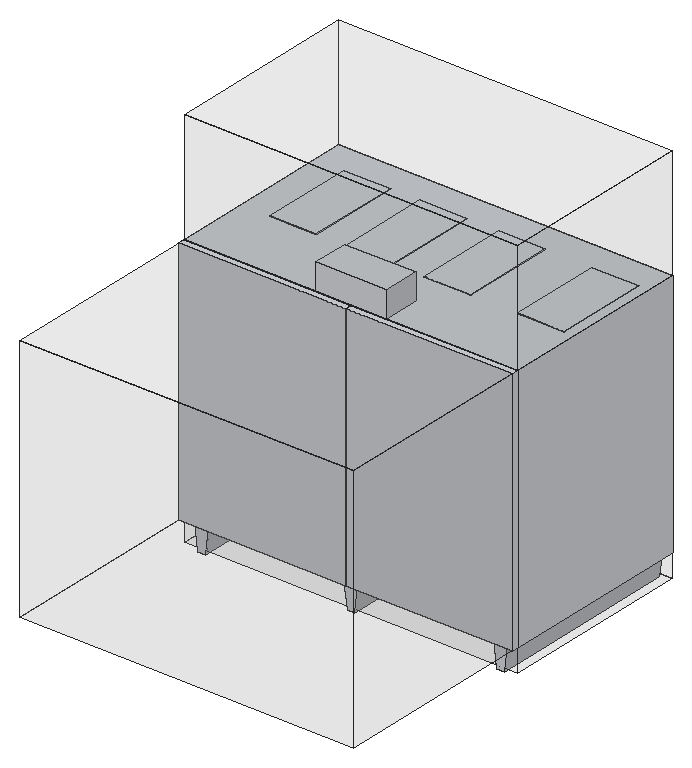
Revit family "AHU 1 _1", category Mechanické zařízení, Revit 2018
Family settings
  Kóta kulaté spojky = Použít průměr
  Typ dílu = Normální
  Číslo OmniClass = 23.75.00.00
  Nadpis OmniClass = Climate Control (HVAC)
  Založené na pracovní rovině = Ne
  Vždy vertikální = Ano
  Ořezat dutým tvarem při načtení = Ne
  Sdílené = Ne
  Bod výpočtu místnosti = Ne
Parameters (values of type "DUPLEXVENT Flexi-V DV3500-V (RD5)")
  Width [instance] = 1.29 mm
  Weight [instance] = 581.00 kg
  URL = ""
  Type [instance] = "DUPLEXVENT Flexi-V DV3500-V (RD5)"
  Total_SFP [instance] = 0
  Supply_outlet_hum [instance] = 90
  Supply_inlet_hum [instance] = 90
  Supply_ext_pressure [instance] = 0.0 Pa
  Supply_SFP [instance] = 0
  Source_adu_file [instance] = ""
  Recuperation_type [instance] = "Plate heat recovery exchanger"
  Recuperation_efficiency_EN308 [instance] = 90.4
  Project_name [instance] = ""
  Project_date [instance] = "9.3.2022"
  Power_supply_fusing [instance] = "0"
  Power_supply_cable [instance] = "0"
  Position [instance] = "AHU 1 "
  Phases_count [instance] = 3
  Panel_thickness [instance] = 0.06 mm
  Outer_surface [instance] = "RAL 9002"
  Length [instance] = 2.15 mm
  Insulation_type [instance] = "PUR"
  Insulation_thickness [instance] = 0.05 mm
  Installation_environment [instance] = ""
  Input_power_max [instance] = 5000 W
  Inner_surface [instance] = "Pozink"
  I2 [instance] = I1  # 0.0 L/s
  Height [instance] = 1.6 mm
  Exhaust_outlet_hum [instance] = 0
  Exhaust_inlet_hum [instance] = 40
  Exhaust_ext_pressure [instance] = 0.0 Pa
  Exhaust_SFP [instance] = 0
  E1 [instance] = E2 - M1  # 0.0 L/s
  E2 [instance] = 0.0 L/s
  I1 [instance] = 0.0 L/s
  Description = ""
  M1 [instance] = 0.0 L/s
  Device_dutypoint_version [instance] = "5"
  Device_design_version [instance] = "29"
  Device_adu_id [instance] = "1"
  Current_max [instance] = 8 A
  Casing_mat [instance] = "painted zinc layer"
  Cable type [instance] = "CYKY 5Jx2,5"
Reference planes
  plane 1 "Střed (vpředu/vzadu)": y = 0
  plane 2 "ref": z = 0
  plane 3 "Střed (vlevo/vpravo)": x = 0
Forms (mm)
  Sweep 1, solid
    path origin (0, 0, 0) x (0, 0, 1) y (1, 0, 0)
      loop
        line (0, 0) -> (1600, 0)
    profile origin (0, 0, 0) x (1, 0, 0) y (0, 1, 0)
      loop
        line (0, 0) -> (2150, 0) -> (2150, 1245) -> (0, 1245) -> (0, 0)
  Sweep 2, solid
    path origin (824, 757, 1599) x (0, 0, 1) y (1, 0, 0)
      loop
        line (0, 0) -> (1, 0)
    profile origin (824, 757, 1599) x (1, 0, 0) y (0, 1, 0)
      loop
        line (-150, -300) -> (150, -300) -> (150, 300) -> (-150, 300) -> (-150, -300)
  Sweep 3, solid
    path origin (1931, 757, 1599) x (0, 0, 1) y (1, 0, 0)
      loop
        line (0, 0) -> (1, 0)
    profile origin (1931, 757, 1599) x (1, 0, 0) y (0, 1, 0)
      loop
        line (-150, -300) -> (150, -300) -> (150, 300) -> (-150, 300) -> (-150, -300)
  Sweep 4, solid
    path origin (1328, 757, 1599) x (0, 0, 1) y (1, 0, 0)
      loop
        line (0, 0) -> (1, 0)
    profile origin (1328, 757, 1599) x (1, 0, 0) y (0, 1, 0)
      loop
        line (-150, -300) -> (150, -300) -> (150, 300) -> (-150, 300) -> (-150, -300)
  Sweep 5, solid
    path origin (332, 757, 1599) x (0, 0, 1) y (1, 0, 0)
      loop
        line (0, 0) -> (1, 0)
    profile origin (332, 757, 1599) x (1, 0, 0) y (0, 1, 0)
      loop
        line (-150, -300) -> (150, -300) -> (150, 300) -> (-150, 300) -> (-150, -300)
  Sweep 6, solid
    path origin (263, 52, 0) x (0, -1, 0) y (0, 0, 1)
      loop
        line (0, 0) -> (0, -30)
    profile origin (263, 52, 0) x (-1, 0, 0) y (0, -1, 0)
      loop
        circle (0, 0) r 16
  Sweep 7, solid
    path origin (1887, 52, 0) x (0, -1, 0) y (0, 0, 1)
      loop
        line (0, 0) -> (0, -30)
    profile origin (1887, 52, 0) x (-1, 0, 0) y (0, -1, 0)
      loop
        circle (0, 0) r 16
  Sweep 8, solid, material "Servisní prostor"
    path origin (0, 0, 0) x (0, 0, 1) y (1, 0, 0)
      loop
        line (0, 0) -> (1600, 0)
    profile origin (0, 0, 0) x (1, 0, 0) y (0, 1, 0)
      loop
        line (0, -1325) -> (2150, -1325) -> (2150, 0) -> (0, 0) -> (0, -1325)
  Sweep 9, solid, material "Servisní prostor"
    path origin (0, 0, 1600) x (0, 0, 1) y (1, 0, 0)
      loop
        line (0, 0) -> (720, 0)
    profile origin (0, 0, 1600) x (1, 0, 0) y (0, 1, 0)
      loop
        line (0, 0) -> (2150, 0) -> (2150, 1245) -> (0, 1245) -> (0, 0)
  Sweep 10, solid, material "Servisní prostor"
    path origin (0, 0, -150) x (0, 0, 1) y (1, 0, 0)
      loop
        line (0, 0) -> (150, 0)
    profile origin (0, 0, -150) x (1, 0, 0) y (0, 1, 0)
      loop
        line (0, 1245) -> (0, 0) -> (2150, 0) -> (2150, 1245) -> (0, 1245)
  Sweep 11, solid
    path origin (0, 0, 0) x (0, 0, 1) y (1, 0, 0)
      loop
        line (0, 0) -> (1600, 0)
    profile origin (0, 0, 0) x (1, 0, 0) y (0, 1, 0)
      loop
        line (0, -45) -> (1075, -45) -> (1075, -5) -> (0, -5) -> (0, -45)
  Sweep 12, solid
    path origin (0, 0, 0) x (0, 0, 1) y (1, 0, 0)
      loop
        line (0, 0) -> (1600, 0)
    profile origin (0, 0, 0) x (1, 0, 0) y (0, 1, 0)
      loop
        line (1075, -45) -> (2150, -45) -> (2150, -5) -> (1075, -5) -> (1075, -45)
  Sweep 13, solid
    path origin (111, 1245, 0) x (1, 0, 0) y (0, 1, 0)
      loop
        line (0, 0) -> (0, -1245)
    profile origin (111, 1245, 0) x (1, 0, 0) y (0, 0, 1)
      loop
        line (-45, 0) -> (-25, -170) -> (25, -170) -> (45, 0) -> (-45, 0)
  Sweep 14, solid
    path origin (2039, 1245, 0) x (1, 0, 0) y (0, 1, 0)
      loop
        line (0, 0) -> (0, -1245)
    profile origin (2039, 1245, 0) x (1, 0, 0) y (0, 0, 1)
      loop
        line (-45, 0) -> (-25, -170) -> (25, -170) -> (45, 0) -> (-45, 0)
  Sweep 15, solid
    path origin (1075, 1245, 0) x (1, 0, 0) y (0, 1, 0)
      loop
        line (0, 0) -> (0, -1245)
    profile origin (1075, 1245, 0) x (1, 0, 0) y (0, 0, 1)
      loop
        line (-45, 0) -> (-25, -170) -> (25, -170) -> (45, 0) -> (-45, 0)
  Sweep 16, solid
    path origin (0, 0, 1600) x (0, 0, 1) y (1, 0, 0)
      loop
        line (0, 0) -> (168, 0)
    profile origin (0, 0, 1600) x (1, 0, 0) y (0, 1, 0)
      loop
        line (848, 0) -> (1302, 0) -> (1302, 233) -> (848, 233) -> (848, 0)
  Sweep 17, solid
    path origin (848, 117, 1684) x (0, 0, -1) y (1, 0, 0)
      loop
        line (0, 0) -> (0, -1)
    profile origin (848, 117, 1684) x (0, 0, -1) y (0, -1, 0)
      loop
        circle (0, 0) r 10
Lines and regions (mm)
  model lines, style "Symbol"
    curve 1: line (1075, -45, 1600) -> (1075, -45, 960)
    curve 2: line (537, -45, 1600) -> (537, -45, 480)
    curve 3: line (537, -45, 480) -> (595, -45, 480)
    curve 4: line (1613, -45, 1600) -> (1613, -45, 480)
    curve 5: line (1613, -45, 480) -> (1555, -45, 480)
    curve 6: line (595, -45, 480) -> (835, -45, 960)
    curve 7: line (835, -45, 960) -> (1315, -45, 960)
    curve 8: line (1315, -45, 960) -> (1555, -45, 480)
    curve 9: line (1555, -45, 480) -> (1315, -45, 0)
    curve 10: line (1315, -45, 0) -> (1075, -45, 0)
    curve 11: line (1075, -45, 0) -> (835, -45, 0)
    curve 12: line (835, -45, 0) -> (595, -45, 480)
    curve 13: line (1739, -45, 1140) -> (1793, -45, 1460)
    curve 14: line (2024, -45, 1140) -> (1969, -45, 1460)
    curve 15: line (126, -45, 1140) -> (181, -45, 1460)
    curve 16: line (411, -45, 1140) -> (357, -45, 1460)
    curve 17: line (591, -45, 1280) -> (1021, -45, 1280)
    curve 18: line (1021, -45, 1280) -> (1021, -45, 1120)
    curve 19: line (1021, -45, 1120) -> (591, -45, 1120)
    curve 20: line (591, -45, 1120) -> (591, -45, 1280)
    curve 21: line (591, -45, 1200) -> (806, -45, 1120)
    curve 22: line (1021, -45, 1200) -> (806, -45, 1120)
    curve 23: line (1129, -45, 1280) -> (1559, -45, 1280)
    curve 24: line (1559, -45, 1280) -> (1559, -45, 1120)
    curve 25: line (1559, -45, 1120) -> (1129, -45, 1120)
    curve 26: line (1129, -45, 1120) -> (1129, -45, 1280)
    curve 27: line (1129, -45, 1200) -> (1344, -45, 1120)
    curve 28: line (1559, -45, 1200) -> (1344, -45, 1120)
    curve 29: line (486, -45, 547) -> (704, -45, 974)
    curve 30: line (704, -45, 974) -> (800, -45, 925)
    curve 31: line (800, -45, 925) -> (582, -45, 498)
    curve 32: line (582, -45, 498) -> (486, -45, 547)
    curve 33: line (629, -45, 803) -> (744, -45, 840)
    curve 34: line (542, -45, 632) -> (657, -45, 669)
    curve 35: line (0, -45, 0) -> (1075, -45, 0)
    curve 36: line (0, -45, 1600) -> (1075, -45, 1600)
    curve 37: line (0, -45, 0) -> (0, -45, 1600)
    curve 38: line (1075, -45, 0) -> (1075, -45, 1600)
    curve 39: line (0, -45, 0) -> (0, -5, 0)
    curve 40: line (1075, -45, 0) -> (1075, -5, 0)
    curve 41: line (0, -45, 1600) -> (0, -5, 1600)
    curve 42: line (1075, -45, 1600) -> (1075, -5, 1600)
    curve 43: line (1075, -45, 0) -> (2150, -45, 0)
    curve 44: line (1075, -45, 1600) -> (2150, -45, 1600)
    curve 45: line (1075, -45, 0) -> (1075, -45, 1600)
    curve 46: line (2150, -45, 0) -> (2150, -45, 1600)
    curve 47: line (1075, -45, 0) -> (1075, -5, 0)
    curve 48: line (2150, -45, 0) -> (2150, -5, 0)
    curve 49: line (1075, -45, 1600) -> (1075, -5, 1600)
    curve 50: line (2150, -45, 1600) -> (2150, -5, 1600)
    curve 51: circle (1881, -45, 1280) r 200 normal (0, -1, 0)
    curve 52: circle (269, -45, 1280) r 200 normal (0, -1, 0)
    curve 53: circle (687, -45, 822) r 16 normal (0, -1, 0)
    curve 54: circle (599, -45, 650) r 16 normal (0, -1, 0)
Dimensions and locks
  aligned and locked: level to plane 2 "ref"
Connectors
  hvac at (824, 757, 1600), driven by "E1"
    settings: on Sweep 2, index 1, duct flow 0.0 L/s, flow factor 0, pres drop 0.0 Pa, loss coef 0, conn angle 0.00°, conn width 600 mm, conn height 300 mm, conn diameter 609.6 mm, duct sys type 1, conn prof type 1, flow config 1, flow direction 1, loss method 0, conn ref index -1, conn util no, is conn primary yes, conn desc ""
  hvac at (1931, 757, 1600), driven by "E2"
    settings: on Sweep 3, index 2, duct flow 0.0 L/s, flow factor 1, pres drop 0.0 Pa, loss coef 0, conn angle 0.00°, conn width 600 mm, conn height 300 mm, conn diameter 609.6 mm, duct sys type 1, conn prof type 1, flow config 2, flow direction 2, loss method 0, conn ref index -1, conn util no, is conn primary no, conn desc ""
  hvac at (1328, 757, 1600), driven by "I1"
    settings: on Sweep 4, index 3, duct flow 0.0 L/s, flow factor 1, pres drop 0.0 Pa, loss coef 0, conn angle 0.00°, conn width 600 mm, conn height 300 mm, conn diameter 609.6 mm, duct sys type 3, conn prof type 1, flow config 2, flow direction 1, loss method 0, conn ref index -1, conn util no, is conn primary no, conn desc ""
  hvac at (332, 757, 1600), driven by "I2"
    settings: on Sweep 5, index 4, duct flow 0.0 L/s, flow factor 0, pres drop 0.0 Pa, loss coef 0, conn angle 0.00°, conn width 600 mm, conn height 300 mm, conn diameter 609.6 mm, duct sys type 3, conn prof type 1, flow config 1, flow direction 2, loss method 0, conn ref index -1, conn util no, is conn primary no, conn desc ""
  piping at (263, 52, -30), diameter 22
    settings: on Sweep 6, index 5, connector inside diameter 609.6 mm, connector length 0 mm, flow factor 0, pipe flow 0.0 L/s, pressure drop 0.0 Pa, fitting loss kfactor 0, connector angle 0.00°, fixture units 0, engagement length 0 mm, angle of deflection 0.00°, flow configuration 1, flow direction 2, fitting loss method 0, system type 16, joint type 0, gender type 0, connector reference index -1, connector utility 0, adjustable connector no, is connector primary yes, connector description ""
  piping at (1887, 52, -30), diameter 22
    settings: on Sweep 7, index 6, connector inside diameter 609.6 mm, connector length 0 mm, flow factor 0, pipe flow 0.0 L/s, pressure drop 0.0 Pa, fitting loss kfactor 0, connector angle 0.00°, fixture units 0, engagement length 0 mm, angle of deflection 0.00°, flow configuration 1, flow direction 2, fitting loss method 0, system type 16, joint type 0, gender type 0, connector reference index -1, connector utility 0, adjustable connector no, is connector primary no, connector description ""
  electrical at (847, 117, 1684)
    settings: on Sweep 17, index 7, voltage 400 V, apparent load 0 VA, apparent load phase1 0 VA, apparent load phase2 0 VA, apparent load phase3 0 VA, power factor 1, load classification "Další", number of poles 3, system type 31, power factor state 1, is connector primary yes, connector utility no, sub classification motor no, connector description ""
